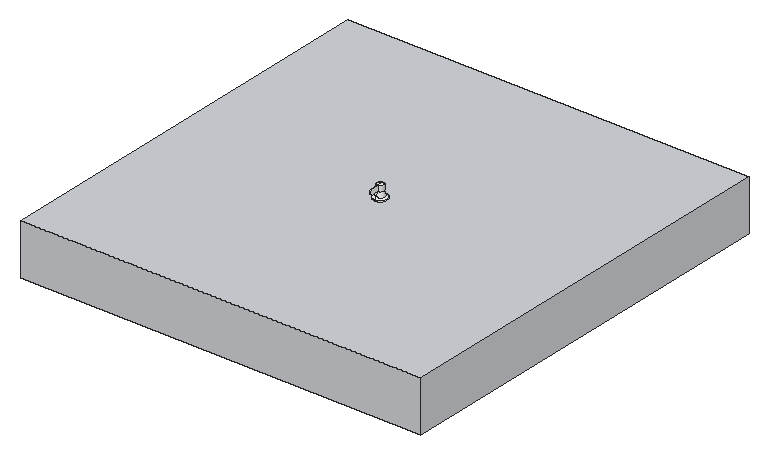
Revit family "Diverter_Valve-American_Standard-T342430", category Plumbing Fixtures, host Face, Revit 2019
Family settings
  Host = Face
  Round Connector Dimension = Use Radius
  Part Type = Normal
  OmniClass Number = 23.45.05.14.17
  OmniClass Title = Showers
  Cut with Voids When Loaded = No
  Shared = Yes
  Room Calculation Point = No
Parameters (values of type "T342.430")
  Width = 2 5/8"
  Waste Connection = no
  Warranty Information = "1 Year Limited"
  WFU = 4
  Vent Connection = no
  Valve Specification = "American Standard R422.000 2-Way In-Wall Diverter valve body (Discrete), 1/2\" NPT Inlets/Outlets. 2 Discrete functions. LESS Handle. Two way diverter shall feature a forged brass body with 1/2” NPT mixed water inlet and outlets."
  URL = "http://www.americanstandard-us.com/"
  Type Comments = ""
  Product Page URL = ""
  Product Documentation Link = ""
  Price = "Prices may vary. Please consult Manufacturer Representative for most up-to-date price list."  # constant formula
  Model = "T342.430"
  Material = none
  Manufacturer = "American Standard"
  Length = 2 1/8"
  Installation Type = "Wall Mounted"
  Hot Water Connection Radius = 1/4"
  Hot Water Connection Diameter = Hot Water Connection Radius * 2  # 1/2"
  Height = 2 1/8"
  HWFU = 3
  HW Connection = yes
  Description = "Heritage Diverter Handle"
  Default Elevation = 46"
  Creation Date = "02/23/2015"  # constant formula
  Cold Water Connection Radius = 1/4"
  Cold Water Connection Diameter = Cold Water Connection Radius * 2  # 1/2"
  CWFU = 3
  CW Connection = yes
  Assembly Code = "D2010710"
  ADA Compliant = yes
Reference planes (in)
  plane 1 "Center (Front/Back)": y = 0
  plane 2: z = 0
  plane 3 "Center (Left/Right)": x = 0
  plane 4: z = 3.625
  plane 5: x = -3.1875
  plane 6: x = -0.5625
  plane 7: y = 1.375
  plane 8: y = -1.375
  plane 9: x = 1.375
  plane 10: x = -1.375
  plane 11: y = 1.3125
  plane 12: y = -1.3125
  plane 13: z = 2.125
Forms (in)
  Extrusion 1, solid
    sketch origin (1.89282, 0, 0) x (1, 0, 0) y (0, 1, 0)
      loop
        line (-48, 48) -> (-48, -48) -> (46.10718, -48) -> (46.10718, 48) -> (-48, 48)
    from 0 to -12
  Revolve 2, solid, material "Brass-American Standard-002-Polished Chrome"
    sketch origin (0, 0, 0) x (0, 1, 0) y (0, 0, 1)
      loop
        line (0, 0) -> (1.625, 0) -> (1.625, 0.1015) -> (0.97166, 0.40615) -> (0.68334, 1.56252) -> (0.55834, 1.56252) -> (0.55834, 1.65954) -> (0.75787, 1.65954) -> (0.75787, 2.73559) -> (0.61597, 2.73559)
        arc (0.61597, 2.73559) -> (0.31181, 2.8085) -> (0, 2.83301) r 1.99616
        line (0, 2.83301) -> (0, 0)
      axis (0, 0) -> (0, 2.83301)
    angle from 0 to 360
  Revolve 3, solid, material "Brass-American Standard-002-Polished Chrome"
    sketch origin (0, 0, -2) x (1, 0, 0) y (0, 1, 0)
      loop
        line (-1.5, 0) -> (-1.5, -0.25) -> (1.375, -0.25) -> (1.375, 0) -> (-1.5, 0)
      axis (1.375, 0) -> (-1.5, 0)
    angle from 0 to 360
  Revolve 4, solid, material "Brass-American Standard-002-Polished Chrome"
    sketch origin (0, 0, -2) x (0, 1, 0) y (-1, 0, 0)
      loop
        line (1.375, 0) -> (1.375, 0.25) -> (-1.375, 0.25) -> (-1.375, 0) -> (1.375, 0)
      axis (1.375, 0) -> (-1.375, 0)
    angle from 0 to 360
  Extrusion 5, solid, material "Brass-American Standard-002-Polished Chrome"
    sketch origin (0, 0, 0) x (0, 1, 0) y (0, 0, 1)
      loop
        line (-0.26109, 2.73559) -> (-2.30817, 2.73559)
        arc (-2.30817, 2.73559) -> (-2.8462, 2.19757) -> (-2.30817, 1.65954) r 0.53803
        line (-2.30817, 1.65954) -> (-0.26109, 1.65954) -> (-0.26109, 2.73559)
    from -0.12982 to 0.129
Cuts and joins
  joined: Revolve 2, Extrusion 5
Dimensions and locks (in)
  "Width": plane 5 to plane 6
  Extrusion 1 to plane 4 = 3 5/8"
  equal spacing: plane 11, plane 1 "Center (Front/Back)", plane 12
  plane 11 to plane 12 = 2 5/8"
  plane 13 to Extrusion 1 = 2 1/8"
  aligned and locked: plane 2 to Extrusion 1
  aligned and locked: level to Extrusion 1
Automatic sketch dimensions
  Extrusion 1 sketch curve to Extrusion 1 sketch curve = 94.10718"
  Extrusion 1 sketch curve to Extrusion 1 sketch curve = 96"
  plane 3 "Center (Left/Right)" to Revolve 3 sketch curve = 1 3/8"
  Revolve 3 sketch curve to plane 3 "Center (Left/Right)" = 1"
  Revolve 3 sketch curve to plane 3 "Center (Left/Right)" = 1.34727"
  Revolve 3 sketch curve to plane 6 = 15/16"
  plane 1 "Center (Front/Back)" to Revolve 3 sketch curve = 1/4"
  Revolve 3 sketch curve to Revolve 3 sketch curve = 1/4"
  Revolve 3 sketch curve to Revolve 3 sketch curve = 0"
  plane 1 "Center (Front/Back)" to Revolve 4 sketch curve = 1 3/8"
  plane 1 "Center (Front/Back)" to Revolve 4 sketch curve = 1"
  Revolve 4 sketch curve to Revolve 4 sketch curve = 0.02773"
  Revolve 4 sketch curve to plane 3 "Center (Left/Right)" = 1/4"
  Revolve 4 sketch curve to plane 1 "Center (Front/Back)" = 1 3/8"
  Revolve 4 sketch curve to Revolve 4 sketch curve = 1/4"
  Revolve 4 sketch curve to Revolve 4 sketch curve = 0"
  Revolve 2 sketch curve to plane 1 "Center (Front/Back)" = 0"  (x2)
  Revolve 2 sketch curve to level = 0"
  plane 13 to Revolve 2 sketch curve = 0.70801"
  Revolve 2 sketch curve to plane 1 "Center (Front/Back)" = 0.55834"
  Revolve 2 sketch curve to Revolve 2 sketch curve = 1/8"
  Revolve 2 sketch curve to Revolve 2 sketch curve = 0.07452"
  plane 11 to Revolve 2 sketch curve = 0.34084"
  level to Revolve 2 sketch curve = 0.1015"
  plane 7 to Revolve 2 sketch curve = 1/4"
  level to Revolve 2 sketch curve = 0.40615"
  Revolve 2 sketch curve to Revolve 2 sketch curve = 0.09703"
  plane 13 to Revolve 2 sketch curve = 0.61059"
  Revolve 2 sketch curve to Revolve 2 sketch curve = 0.1419"
  Revolve 2 sketch curve to plane 13 = 0.46546"
  Revolve 2 sketch curve to plane 13 = 0.16872"
  plane 4 to Revolve 2 sketch curve = 0.16872"
  plane 13 to Extrusion 5 sketch curve = 0.61059"
  Extrusion 5 sketch curve to plane 12 = 0.99567"
  plane 13 to Extrusion 5 sketch curve = 0.07257"
  plane 1 "Center (Front/Back)" to Extrusion 5 sketch curve = 0.26109"
Connectors (in)
  piping at (0, -1.375, -2), diameter 0.5, driven by "Hot Water Connection Radius"
    settings: on Revolve 4, index 1, connector inside diameter 1/2", connector length 0", flow factor 0, pipe flow 0 GPM, pressure drop 0.00 psi, fitting loss kfactor 0, connector angle 0.00°, fixture units 0, engagement length 0", angle of deflection 0.00°, flow configuration 0, flow direction 2, fitting loss method 0, system type 7, joint type 0, gender type 0, connector reference index -1, connector utility 0, adjustable connector no, is connector primary yes, connector description "1/2\" NPT Tub Inlet"
  piping at (-1.5, 0, -2), diameter 0.5, driven by "CWFU", driven by "Cold Water Connection Radius"
    settings: on Revolve 3, index 2, connector inside diameter 1/2", connector length 0", flow factor 0, pipe flow 0 GPM, pressure drop 0.00 psi, fitting loss kfactor 0, connector angle 0.00°, fixture units 3, engagement length 0", angle of deflection 0.00°, flow configuration 3, flow direction 1, fitting loss method 0, system type 20, joint type 0, gender type 0, connector reference index -1, connector utility 0, adjustable connector no, is connector primary no, connector description "1/2\" NPT CW Inlet"
  piping at (0, 1.375, -2), diameter 0.5, driven by "Hot Water Connection Radius"
    settings: on Revolve 4, index 3, connector inside diameter 1/2", connector length 0", flow factor 0, pipe flow 0 GPM, pressure drop 0.00 psi, fitting loss kfactor 0, connector angle 0.00°, fixture units 0, engagement length 0", angle of deflection 0.00°, flow configuration 0, flow direction 2, fitting loss method 0, system type 7, joint type 0, gender type 0, connector reference index -1, connector utility 0, adjustable connector no, is connector primary no, connector description "1/2\" NPT Shower Inlet"
  piping at (1.375, 0, -2), diameter 0.5, driven by "HWFU", driven by "Hot Water Connection Radius"
    settings: on Revolve 3, index 4, connector inside diameter 1/2", connector length 0", flow factor 0, pipe flow 0 GPM, pressure drop 0.00 psi, fitting loss kfactor 0, connector angle 0.00°, fixture units 3, engagement length 0", angle of deflection 0.00°, flow configuration 3, flow direction 1, fitting loss method 0, system type 19, joint type 0, gender type 0, connector reference index -1, connector utility 0, adjustable connector no, is connector primary no, connector description "1/2\" NPT HW Inlet"
